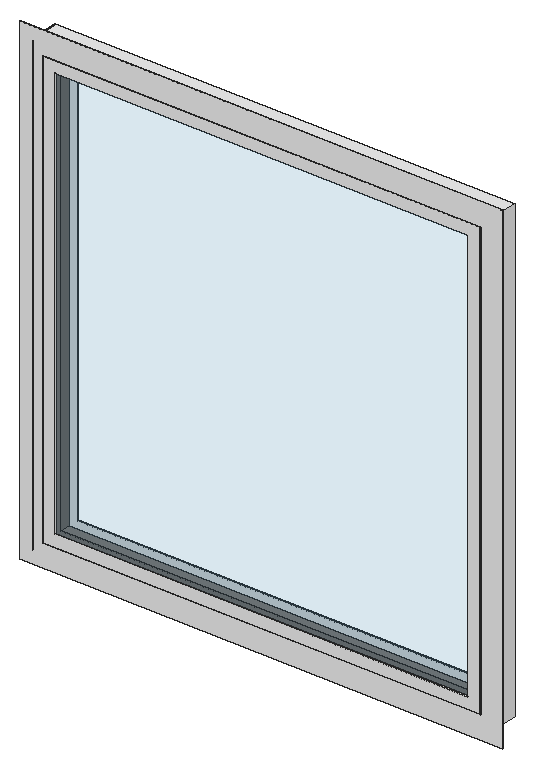
Revit family "Casement_30.5_G_Top_Hung_Custom", category Windows, host Wall, Revit 2014
Parameters (values of type "Casement_Sash_DG")
  Width Sash [instance] = 30 mm
  Width Sash Inner = 15 mm
  Width Bead = 15 mm
  Top Hung [instance] = yes
  Side Hung Right [instance] = yes
  Side Hung Left [instance] = yes
  Sash Opening Width [instance] = 600 mm
  Sash Opening Height [instance] = 600.312 mm
  Sash Lip = 15 mm
  Glazing Material [instance] = Glass
  DG Start Piece 2 [instance] = DG End Piece 1 + DG Gasket Thickness  # 25 mm
  DG Start Peice 1 [instance] = (Depth Sash - (2 * DG Glazing Thickness) - DG Gasket Thickness) / 2  # 6.6 mm
  Glazing Offset = 5 mm
  DG Glazing Thickness [instance] = 6.4 mm
  DG Gasket Thickness = 12 mm  # constant formula
  DG Gasket Material [instance] = Double Glazing Gasket Material
  DG End Piece 2 [instance] = DG Start Piece 2 + DG Glazing Thickness  # 31.4 mm
  DG End Piece 1 [instance] = DG Start Peice 1 + DG Glazing Thickness  # 13 mm
  Depth Sash [instance] = 38 mm
  Center Vertical Sash [instance] = Sash Opening Height / 2  # 300.156 mm
  Center Horizontal Sash [instance] = Sash Opening Width / 2  # 300 mm
  Bottom Hung [instance] = yes
  Bead Offset = 15 mm
  Aluminium Thickness = 1 mm
  Aluminium Material [instance] = White Powder Coated Aluminium
Reference planes
  plane 1 "Center (Front/Back)": y = 0
  plane 2: z = 0
  plane 3 "Center (Left/Right)": x = 0
Forms (mm)
  Sweep 1, solid, material "White Powder Coated Aluminium" <- "Aluminium Material"
    path origin (16.177, 0, 121.331) x (1, 0, 0) y (0, 0, 1)
      loop
        line (0, 0) -> (600, 0) -> (600, 600.312) -> (0, 600.312) -> (0, 0)
    profile origin (316.177, 0, 121.331) x (0, 0, 1) y (0, -1, 0)
      loop
        line (0, 0) -> (30, 0) -> (30, 1) -> (15, 1) -> (15, 38) -> (-15, 38) -> (-15, 37) -> (0, 37) -> (0, 0)
      loop
        line (14, 1) -> (14, 37) -> (1, 37) -> (1, 1) -> (14, 1)
  Sweep 2, solid, material "White Powder Coated Aluminium" <- "Aluminium Material"
    path origin (0, 0, 0) x (1, 0, 0) y (0, 0, 1)
      loop
        line (31.177, 706.643) -> (31.177, 136.331) -> (601.177, 136.331) -> (601.177, 706.643) -> (31.177, 706.643)
    profile origin (316.177, 0, 706.643) x (0, 0, 1) y (0, -1, 0)
      loop
        line (0, 37) -> (0, 38) -> (-15, 38) -> (-15, 37) -> (0, 37)
  Extrusion 3, solid, material "Glass" <- "Glazing Material"
    sketch origin (0, 0, 0) x (1, 0, 0) y (0, 0, 1)
      loop
        line (36.177, 701.643) -> (36.177, 141.331) -> (596.177, 141.331) -> (596.177, 701.643) -> (36.177, 701.643)
    from 6.6 <- "DG Start Peice 1" to 13 <- "DG End Piece 1"
  Extrusion 4, solid, material "Glass" <- "Glazing Material"
    sketch origin (0, 0, 0) x (1, 0, 0) y (0, 0, 1)
      loop
        line (36.177, 701.643) -> (36.177, 141.331) -> (596.177, 141.331) -> (596.177, 701.643) -> (36.177, 701.643)
    from 31.4 <- "DG End Piece 2" to 25 <- "DG Start Piece 2"
  Sweep 5, solid, material "Double Glazing Gasket Material" <- "DG Gasket Material"
    path origin (0, -13, 0) x (1, 0, 0) y (0, 0, 1)
      loop
        line (36.177, 701.643) -> (36.177, 141.331) -> (596.177, 141.331) -> (596.177, 701.643) -> (36.177, 701.643)
    profile origin (316.177, -13, 701.643) x (0, 0, 1) y (0, -1, 0)
      loop
        line (0, 0) -> (0, 12) -> (-7.96, 12) -> (-7.96, 0) -> (0, 0)
Lines and regions (mm)
  model lines
    curve 1: line (1.177, -38, 736.643) -> (31.177, -38, 706.643)
    curve 2: line (601.177, -38, 706.643) -> (631.177, -38, 736.643)
    curve 3: line (601.177, -38, 136.331) -> (631.177, -38, 106.331)
    curve 4: line (1.177, -38, 106.331) -> (31.177, -38, 136.331)
    curve 5: line (631.177, -37, 736.643) -> (616.177, -37, 721.643)
    curve 6: line (1.177, -37, 736.643) -> (16.177, -37, 721.643)
    curve 7: line (1.177, -37, 106.331) -> (16.177, -37, 121.331)
    curve 8: line (631.177, -37, 106.331) -> (616.177, -37, 121.331)
    curve 9: line (616.177, 0, 121.331) -> (586.177, 0, 151.331)
    curve 10: line (46.177, 0, 151.331) -> (16.177, 0, 121.331)
    curve 11: line (616.177, 0, 721.643) -> (586.177, 0, 691.643)
    curve 12: line (46.177, 0, 691.643) -> (16.177, 0, 721.643)
    curve 13: line (31.177, -38, 691.643) -> (46.177, -38, 691.643)
    curve 14: line (586.177, -38, 691.643) -> (601.177, -38, 691.643)
    curve 15: line (586.177, -38, 151.331) -> (601.177, -38, 151.331)
    curve 16: line (31.177, -38, 151.331) -> (46.177, -38, 151.331)
  model lines, style "GenericModelHiddenLines", visible <- "Top Hung"
    curve 17: line (46.386, -31.4, 690.914) -> (316.177, -31.4, 151.331)
    curve 18: line (316.177, -31.4, 151.331) -> (586.177, -31.4, 691.331)
  model lines, style "GenericModelHiddenLines", visible <- "Bottom Hung"
    curve 19: line (46.177, -31.4, 151.331) -> (316.177, -31.4, 691.331)
    curve 20: line (316.177, -31.4, 691.331) -> (586.177, -31.4, 151.331)
  model lines, style "GenericModelHiddenLines", visible <- "Side Hung Left"
    curve 21: line (46.386, -31.4, 690.914) -> (585.24, -31.4, 421.487)
    curve 22: line (585.24, -31.4, 421.487) -> (46.177, -31.4, 151.331)
  model lines, style "GenericModelHiddenLines", visible <- "Side Hung Right"
    curve 23: line (586.177, -31.4, 691.331) -> (46.177, -31.4, 421.487)
    curve 24: line (46.177, -31.4, 421.487) -> (586.177, -31.4, 151.331)
Dimensions and locks
  "Aluminium Thickness": Sweep 1 sketch curve to Sweep 1 sketch curve  (x4)
  "Depth Sash": Sweep 1 sketch curve to Sweep 1 sketch curve
  "Sash Opening Width": Sweep 1 to Sweep 1
  "Sash Opening Height": Sweep 1 to Sweep 1
  "Width Sash": Sweep 1 sketch curve to Sweep 1 sketch curve  (x2)
  "Width Sash Inner": Sweep 1 sketch curve to Sweep 1 sketch curve
  "Sash Lip": Sweep 1 sketch curve to Sweep 1 sketch curve
  "Aluminium Thickness": Sweep 1 to Sweep 2 sketch curve
  "Glazing Offset": Sweep 2 to Extrusion 3 sketch curve  (x3)
  "Glazing Offset": Extrusion 3 sketch curve to Sweep 2
  Sweep 1 to Sweep 1 = 1 mm
  "Aluminium Thickness": Sweep 2 sketch curve to Sweep 2 sketch curve
  "Width Bead": Sweep 2 sketch curve to Sweep 2 sketch curve
  locked: Sweep 5 sketch curve to Sweep 5 sketch curve at 7.96
  "Center Horizontal Sash": Sweep 1 to curve 18
  "Center Horizontal Sash": Sweep 1 to curve 20
  "Center Vertical Sash": Sweep 1 to curve 22
  "Center Vertical Sash": Sweep 1 to curve 24
  aligned and locked: level to plane 2
  aligned and locked: Sweep 1 sketch curve to Sweep 1 sketch curve  (x2)
  aligned and locked: Sweep 2 sketch curve to Sweep 1  (x5)
  aligned and locked: Extrusion 4 sketch curve to Extrusion 3  (x4)
  aligned and locked: Sweep 5 sketch curve to Extrusion 3  (x5)
  aligned and locked: Extrusion 3 to Sweep 5 sketch curve
Automatic sketch dimensions
  plane 3 "Center (Left/Right)" to Sweep 1 sketch curve = 16.177 mm
  level to Sweep 1 sketch curve = 121.331 mm
  plane 3 "Center (Left/Right)" to Sweep 1 sketch curve = 616.177 mm
  level to Sweep 1 sketch curve = 721.643 mm
  profile plane to Sweep 5 sketch curve = 12 mm
  curve 7 to Sweep 1 = 0 mm  (x4)
  curve 6 to Sweep 1 = 0 mm  (x3)
  Sweep 1 to curve 6 = 0 mm
  curve 5 to Sweep 1 = 0 mm  (x3)
  curve 8 to Sweep 1 = 0 mm  (x4)
  Sweep 1 to curve 5 = 0 mm
  curve 16 to Sweep 2 = 0 mm  (x3)
  curve 13 to Sweep 2 = 0 mm  (x3)
  curve 15 to Sweep 2 = 0 mm
  Sweep 2 to curve 15 = 0 mm  (x2)
  curve 14 to Sweep 2 = 0 mm  (x2)
  Sweep 2 to curve 14 = 0 mm
  curve 1 to Sweep 1 = 0 mm  (x4)
  curve 4 to Sweep 1 = 0 mm  (x3)
  Sweep 1 to curve 4 = 0 mm
  curve 3 to Sweep 1 = 0 mm  (x3)
  curve 2 to Sweep 1 = 0 mm  (x4)
  Sweep 1 to curve 3 = 0 mm
  curve 10 to Sweep 1 = 0 mm  (x4)
  curve 12 to Sweep 1 = 0 mm  (x3)
  Sweep 1 to curve 12 = 0 mm
  curve 9 to Sweep 1 = 0 mm  (x4)
  curve 11 to Sweep 1 = 0 mm  (x3)
  Sweep 1 to curve 11 = 0 mm
  Sweep 1 sketch curve to plane 1 "Center (Front/Back)" = 0 mm
  profile plane to Sweep 1 sketch curve = 0 mm
  curve 21 to Extrusion 4 = 10.208 mm
  curve 19 to Extrusion 4 = 10 mm
  curve 23 to Extrusion 4 = 10 mm  (x2)
  curve 22 to Extrusion 4 = 10.937 mm
  curve 20 to Extrusion 4 = 10 mm
  curve 24 to Extrusion 4 = 10 mm
  curve 22 to Extrusion 4 = 10 mm
  curve 18 to Extrusion 4 = 10 mm
  curve 21 to Extrusion 4 = 10.729 mm
  curve 19 to Extrusion 4 = 10.312 mm
  curve 18 to Extrusion 4 = 10.312 mm
